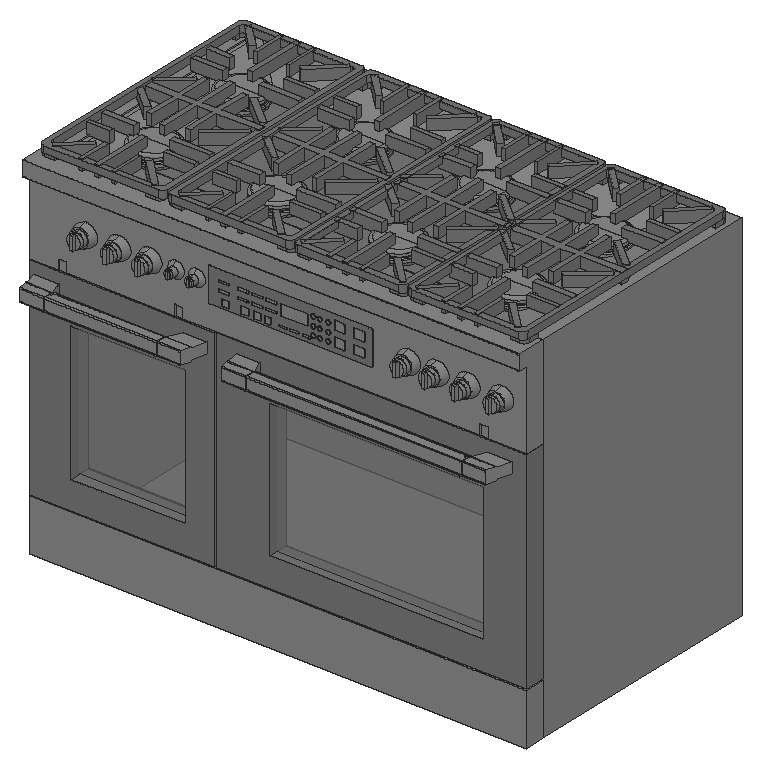
Revit family "DOP48M96D_Revit", category Specialty Equipment, Revit 2014
Parameters (values of type "DOP48M96D")
  Width = 48"
  WOK RING = "1"
  WI FI = "YES"
  Unit = Stainless Steel
  TOTAL NUMBER OF COOKTOP BURNERS = "6 + GRIDDLE"
  TIME OF DAY (12 HR/24 HR) = "YES"
  TEMPERATURE PROBE = "1 EA (BOTH)"
  TEMPERATURE (F / C) = "YES"
  Support = Glass
  STEAM TRAY = "2 (SM)"
  STEAM HEATER = "2,000W (SM)"
  STANDARD RACK = "1 (LG) / 1 (SM)"
  SOUND ON/OFF = "YES"
  SEALED BURNERS = "YES"
  RIGHT REAR (BTU) = "16,000 STACK DUAL (SIMMER)"
  RIGHT FRONT (BTU) = "16,000 STACK DUAL (SIMMER)"
  POWER OF GRIDDLE = "1,400W"
  PERMA-FLAME™ (AUTO RE-IGNITION) = "YES"
  OVEN CAPACITY (CUBIC FEET) = "4.8 (LG OVEN) / 1.8 (SM OVEN)"
  NUMBER OF KNOBS = "7 + 2 LAMP KNOBS"
  Model = "DOP48M96D"
  Manufacturer = "Dacor"
  MANUAL LIGHTING ON/OFF = "YES"
  LEFT REAR (BTU) = "16,000 STACK DUAL (SIMMER)"
  LEFT FRONT (BTU) = "18,000 DUAL (SIMMER)"
  KITCHEN TIMER = "YES"
  INFOCENTER™ DISPLAY = "YES"
  ILLULMINA™ BURNER KNOBS = "YES"
  Height = 36 1/2"
  Handle = Stainless Steel
  HIGHLIGHTING COLOR = "WHITE"
  HALF STEAM TRAY = "2 (SM)"
  Glide = Plastic-Black
  Gas Burner = Stainless Steel
  GLIDERACK™ = "2 (LG)"
  Door = Plastic-Black
  Description = "48-INCH PRO DUAL-FUEL STEAM RANGE MODERNIST COLLECTION"
  Depth = 24"
  DELAY START = "YES"
  COOKING MODES SMALL CAVITY = "BAKE - BROIL - CONVECTION BAKE - CONVECTION ROAST - CONVECTION BROIL - FOUR-PART PURE CONVECTION - REAL STEAM - STEAM BAKE - STEAM ROAST"
  COOKING MODES LARGE CAVITY = "BAKE - BROIL - CONVECTION BAKE - CONVECTION ROAST - CONVECTION BROIL - FOUR-PART PURE CONVECTION - PURE CONVECTION SEAR"
  COOKIE SHEETS (SET OF 3) = "SKU - ACSM303"
  CONVECTION FILTER = "2 (LG) / 1 (SM)"
  CONVECTION ELEMENT = "1,300W (EA - 2,600W TOTAL) (LG) / 2,000W (SM)"
  CONTROL METHOD = "7” POP-UP LCD"
  CLOCK = "YES"
  CHILD LOCK = "YES"
  CENTER REAR (BTU) = "9,000 STACK DUAL (SIMMER)"
  CENTER FRONT (BTU) = "22,000 DUAL (SIMMER)"
  Burner = Plastic-Black
  BROIL ELEMENT = "4,400W - 10 PASS (LG) 2,400W (SM)"
  BRASS BURNER CAPS = "YES"
  BLUETOOTH (HOOD CONNECTION) = "YES"
  BLACK BURNER CAPS = "YES"
  BAKE ELEMENT = "3,000W - 8 PASS (LG) 1,000W (SM)"
  Adjustment = Stainless Steel
  AMBIENT LIGHTING = "YES (DIMMING)"
Reference planes (in)
  plane 1 "Center (Front/Back)": y = 0
  plane 2: z = 0
  plane 3 "Center (Left/Right)": x = 0
  plane 4: y = 12
  plane 5: y = -12
  plane 6: x = -24
  plane 7: x = 24
  plane 8: z = 36.5
  plane 9: y = -14
  plane 10: z = 2
  plane 11: y = -14.875
  plane 12: y = -16.5
  plane 13: z = 37.5625
  plane 14: z = 35
Forms (in)
  Extrusion 1, solid, material "Stainless Steel" <- "Unit"
    sketch origin (0, 0, 0) x (1, 0, 0) y (0, 0, 1)
      loop
        line (-24, 36.5) -> (-24, 2) -> (24, 2) -> (24, 36.5) -> (23.66902, 36.5) -> (23.66902, 2.38848) -> (-23.45598, 2.38848) -> (-23.45598, 36.5) -> (-24, 36.5)
    from -12 to 12
  Extrusion 2, solid, material "Stainless Steel" <- "Unit"
    sketch origin (0, 0, 0) x (0, 1, 0) y (0, 0, 1)
      loop
        line (-12, 36.5) -> (-14.84447, 36.5)
        arc (-14.84447, 36.5) -> (-14.86606, 36.49106) -> (-14.875, 36.46947) r 0.03053
        line (-14.875, 36.46947) -> (-14.875, 35.03125)
        arc (-14.875, 35.03125) -> (-14.86585, 35.00915) -> (-14.84375, 35) r 0.03125
        line (-14.84375, 35) -> (-14.03125, 35)
        arc (-14.03125, 35) -> (-14.00915, 34.99085) -> (-14, 34.96875) r 0.03125
        line (-14, 34.96875) -> (-14, 27.5) -> (-12, 27.5) -> (-12, 36.5)
      loop
        line (-14, 1.96852) -> (-12, 1.96852) -> (-12, 6.96852) -> (-14, 6.96852) -> (-14, 1.96852)
    from -24 to 24
  Extrusion 3, solid, material "Glass" <- "Support"
    sketch origin (0, -14, 0) x (1, 0, 0) y (0, 0, 1)
      loop
        line (-20.04254, 23.12749) -> (-20.04254, 9.87749) -> (-8.99618, 9.87749) -> (-8.99618, 23.12749) -> (-20.04254, 23.12749)
      loop
        line (19.83246, 23.12749) -> (-0.88482, 23.12749) -> (-0.88482, 9.87749) -> (19.83246, 9.87749) -> (19.83246, 23.12749)
    from -2 to -0.8824
  Revolve 4, solid, material "Plastic-Black" <- "Glide"
    sketch origin (21.125, 0, 0) x (0, 1, 0) y (0, 0, 1)
      loop
        line (-10.25, 2) -> (-10.25, 0.75) -> (-10.14613, 0.64613) -> (-10.14613, 0.08461) -> (-10.09729, 0) -> (-9.53479, 0) -> (-9.53479, 2) -> (-10.25, 2)
      axis (-9.53479, 0) -> (-9.53479, 2)
    angle from 0 to 360
  Revolve 5, solid, material "Plastic-Black" <- "Glide"
    sketch origin (-1.87507, 0.00446, 0.02133) x (0, 1, 0) y (0, 0, -1)
      loop
        line (-10.25, -2) -> (-9.53479, -2) -> (-9.53479, 0) -> (-10.09729, 0) -> (-10.14613, -0.08461) -> (-10.14613, -0.64613) -> (-10.25, -0.75) -> (-10.25, -2)
      axis (-9.53479, 0) -> (-9.53479, -2)
    angle from 0 to 360
  Revolve 6, solid, material "Plastic-Black" <- "Glide"
    sketch origin (21.125, 0, 0) x (0, -1, 0) y (0, 0, -1)
      loop
        line (-10.25, -2) -> (-9.53479, -2) -> (-9.53479, 0) -> (-10.09729, 0) -> (-10.14613, -0.08461) -> (-10.14613, -0.64613) -> (-10.25, -0.75) -> (-10.25, -2)
      axis (-9.53479, 0) -> (-9.53479, -2)
    angle from 0 to 360
  Revolve 7, solid, material "Plastic-Black" <- "Glide"
    sketch origin (-1.87507, 0.00446, 0.02133) x (0, -1, 0) y (0, 0, 1)
      loop
        line (-10.25, 2) -> (-10.25, 0.75) -> (-10.14613, 0.64613) -> (-10.14613, 0.08461) -> (-10.09729, 0) -> (-9.53479, 0) -> (-9.53479, 2) -> (-10.25, 2)
      axis (-9.53479, 0) -> (-9.53479, 2)
    angle from 0 to 360
  Revolve 8, solid, material "Stainless Steel" <- "Adjustment"
    sketch origin (18.375, 0, -0.625) x (0, 1, 0) y (0, 0, 1)
      loop
        line (-14, 33.20096) -> (-14.75, 33) -> (-14.75, 32.86263) -> (-15.13851, 32.86263) -> (-15.13851, 32.79538) -> (-15.47236, 32.79538) -> (-15.47236, 32.12798) -> (-14, 32.12798) -> (-14, 33.20096)
      axis (-15.47236, 32.12798) -> (-14, 32.12798)
    angle from 0 to 360
  Extrusion 9, solid, material "Stainless Steel" <- "Adjustment"
    sketch origin (0.375, 0, -0.625) x (1, 0, 0) y (0, 0, 1)
      loop
        line (14.85979, 32.78048) -> (14.85979, 31.48023) -> (15.16074, 31.48023) -> (15.16074, 32.78048) -> (14.85979, 32.78048)
    from 15.76036 to 15.47236
  Revolve 10, solid, material "Stainless Steel" <- "Adjustment"
    sketch origin (15.375, 0, -0.625) x (0, 1, 0) y (0, 0, 1)
      loop
        line (-14, 33.20096) -> (-14.75, 33) -> (-14.75, 32.86263) -> (-15.13851, 32.86263) -> (-15.13851, 32.79538) -> (-15.47236, 32.79538) -> (-15.47236, 32.12798) -> (-14, 32.12798) -> (-14, 33.20096)
      axis (-15.47236, 32.12798) -> (-14, 32.12798)
    angle from 0 to 360
  Extrusion 11, solid, material "Stainless Steel" <- "Adjustment"
    sketch origin (-2.75, 0, -0.625) x (1, 0, 0) y (0, 0, 1)
      loop
        line (20.92229, 32.78048) -> (20.92229, 31.48023) -> (21.22324, 31.48023) -> (21.22324, 32.78048) -> (20.92229, 32.78048)
    from 15.76036 to 15.47236
  Revolve 12, solid, material "Stainless Steel" <- "Adjustment"
    sketch origin (-15.375, 0, -0.625) x (0, 1, 0) y (0, 0, -1)
      loop
        line (-14, -33.20096) -> (-14, -32.12798) -> (-15.47236, -32.12798) -> (-15.47236, -32.79538) -> (-15.13851, -32.79538) -> (-15.13851, -32.86263) -> (-14.75, -32.86263) -> (-14.75, -33) -> (-14, -33.20096)
      axis (-15.47236, -32.12798) -> (-14, -32.12798)
    angle from 0 to 360
  Extrusion 13, solid, material "Stainless Steel" <- "Adjustment"
    sketch origin (2.65625, 0, -0.625) x (-1, 0, 0) y (0, 0, -1)
      loop
        line (14.85979, -32.78048) -> (15.16074, -32.78048) -> (15.16074, -31.48023) -> (14.85979, -31.48023) -> (14.85979, -32.78048)
    from 15.76036 to 15.47236
  Revolve 14, solid, material "Stainless Steel" <- "Adjustment"
    sketch origin (-12.375, 0, -0.625) x (0, 1, 0) y (0, 0, -1)
      loop
        line (-14, -33.20096) -> (-14, -32.12798) -> (-15.47236, -32.12798) -> (-15.47236, -32.79538) -> (-15.13851, -32.79538) -> (-15.13851, -32.86263) -> (-14.75, -32.86263) -> (-14.75, -33) -> (-14, -33.20096)
      axis (-15.47236, -32.12798) -> (-14, -32.12798)
    angle from 0 to 360
  Extrusion 15, solid, material "Stainless Steel" <- "Adjustment"
    sketch origin (5.6875, 0, -0.625) x (-1, 0, 0) y (0, 0, -1)
      loop
        line (20.92229, -32.78048) -> (21.22324, -32.78048) -> (21.22324, -31.48023) -> (20.92229, -31.48023) -> (20.92229, -32.78048)
    from 15.76036 to 15.47236
  Extrusion 16, solid, material "Plastic-Black" <- "Glide"
    sketch origin (0, 0, 0) x (1, 0, 0) y (0, 0, 1)
      loop
        arc (-6.55971, 33.07978) -> (-6.70596, 33.0192) -> (-6.76654, 32.87294) r 0.20684
        line (-6.76654, 32.87294) -> (-6.76654, 29.97721)
        arc (-6.76654, 29.97721) -> (-6.70596, 29.83095) -> (-6.55971, 29.77037) r 0.20684
        line (-6.55971, 29.77037) -> (8.95314, 29.77037)
        arc (8.95314, 29.77037) -> (9.09939, 29.83095) -> (9.15997, 29.97721) r 0.20684
        line (9.15997, 29.97721) -> (9.15997, 32.87294)
        arc (9.15997, 32.87294) -> (9.09939, 33.0192) -> (8.95314, 33.07978) r 0.20684
        line (8.95314, 33.07978) -> (-6.55971, 33.07978)
      loop
        line (-3.91131, 32.13643) -> (-3.91131, 31.92959) -> (-2.87712, 31.92959) -> (-2.87712, 32.13643) -> (-3.91131, 32.13643)
      loop
        line (-2.53581, 32.13643) -> (-2.53581, 31.92959) -> (-1.46599, 31.92959) -> (-1.46599, 32.13643) -> (-2.53581, 32.13643)
      loop
        line (-1.16262, 32.13643) -> (-1.16262, 31.92959) -> (-0.14373, 31.92959) -> (-0.14373, 32.13643) -> (-1.16262, 32.13643)
      loop
        line (-3.91131, 31.30907) -> (-3.91131, 31.10224) -> (-2.87712, 31.10224) -> (-2.87712, 31.30907) -> (-3.91131, 31.30907)
      loop
        line (-2.53581, 31.30907) -> (-2.53581, 31.10224) -> (-1.46599, 31.10224) -> (-1.46599, 31.30907) -> (-2.53581, 31.30907)
      loop
        line (-1.16262, 31.30907) -> (-1.16262, 31.10224) -> (-0.14373, 31.10224) -> (-0.14373, 31.30907) -> (-1.16262, 31.30907)
      loop
        line (-3.58017, 30.58263) -> (-3.58017, 29.9713) -> (-2.87712, 29.9713) -> (-2.87712, 30.58263) -> (-3.58017, 30.58263)
      loop
        line (-2.33893, 30.58263) -> (-2.33893, 29.9713) -> (-1.70212, 29.9713) -> (-1.70212, 30.58263) -> (-2.33893, 30.58263)
      loop
        line (-1.29457, 30.58263) -> (-1.29457, 29.9713) -> (-0.70871, 29.9713) -> (-0.70871, 30.58263) -> (-1.29457, 30.58263)
      loop
        line (0.0114, 30.27251) -> (0.0114, 30.11746) -> (0.85965, 30.11746) -> (0.85965, 30.27251) -> (0.0114, 30.27251)
      loop
        line (1.12856, 30.27251) -> (1.12856, 30.11746) -> (1.94809, 30.11746) -> (1.94809, 30.27251) -> (1.12856, 30.27251)
      loop
        line (2.39109, 30.27251) -> (2.39109, 30.11746) -> (3.12202, 30.11746) -> (3.12202, 30.27251) -> (2.39109, 30.27251)
      loop
        circle (3.38782, 32.13643) r 0.20684
      loop
        circle (3.38782, 31.30907) r 0.20684
      loop
        circle (3.38782, 30.47935) r 0.20684
      loop
        circle (4.00833, 32.13643) r 0.20684
      loop
        circle (4.00833, 31.30907) r 0.20684
      loop
        circle (4.00833, 30.47935) r 0.20684
      loop
        circle (4.83569, 32.13643) r 0.20684
      loop
        circle (4.83569, 31.30907) r 0.20684
      loop
        circle (4.83569, 30.47935) r 0.20684
      loop
        line (5.42559, 32.53177) -> (5.42559, 31.70442) -> (6.45978, 31.70442) -> (6.45978, 32.53177) -> (5.42559, 32.53177)
      loop
        line (5.42559, 31.10224) -> (5.42559, 30.27251) -> (6.45978, 30.27251) -> (6.45978, 31.10224) -> (5.42559, 31.10224)
      loop
        line (0.27704, 32.13643) -> (0.27704, 31.10224) -> (2.82394, 31.10224) -> (2.82394, 32.13643) -> (0.27704, 32.13643)
      loop
        line (-5.77285, 32.13643) -> (-5.77285, 31.92959) -> (-4.73866, 31.92959) -> (-4.73866, 32.13643) -> (-5.77285, 32.13643)
      loop
        line (-5.77285, 31.30907) -> (-5.77285, 31.10224) -> (-4.73866, 31.10224) -> (-4.73866, 31.30907) -> (-5.77285, 31.30907)
      loop
        line (-5.44171, 30.58263) -> (-5.44171, 29.9713) -> (-4.73866, 29.9713) -> (-4.73866, 30.58263) -> (-5.44171, 30.58263)
      loop
        line (7.28713, 32.53177) -> (7.28713, 31.70442) -> (8.32132, 31.70442) -> (8.32132, 32.53177) -> (7.28713, 32.53177)
      loop
        line (7.28713, 31.10224) -> (7.28713, 30.27251) -> (8.32132, 30.27251) -> (8.32132, 31.10224) -> (7.28713, 31.10224)
    from 14.02195 to 14
  Extrusion 17, solid, material "Stainless Steel" <- "Unit"
    sketch origin (0, -14, 0) x (-1, 0, 0) y (0, 0, 1)
      loop
        line (3.91131, 32.13643) -> (2.87712, 32.13643) -> (2.87712, 31.92959) -> (3.91131, 31.92959) -> (3.91131, 32.13643)
      loop
        line (2.53581, 32.13643) -> (1.46599, 32.13643) -> (1.46599, 31.92959) -> (2.53581, 31.92959) -> (2.53581, 32.13643)
      loop
        line (1.16262, 32.13643) -> (0.14373, 32.13643) -> (0.14373, 31.92959) -> (1.16262, 31.92959) -> (1.16262, 32.13643)
      loop
        line (3.91131, 31.30907) -> (2.87712, 31.30907) -> (2.87712, 31.10224) -> (3.91131, 31.10224) -> (3.91131, 31.30907)
      loop
        line (2.53581, 31.30907) -> (1.46599, 31.30907) -> (1.46599, 31.10224) -> (2.53581, 31.10224) -> (2.53581, 31.30907)
      loop
        line (1.16262, 31.30907) -> (0.14373, 31.30907) -> (0.14373, 31.10224) -> (1.16262, 31.10224) -> (1.16262, 31.30907)
      loop
        line (-0.27704, 32.13643) -> (-2.82394, 32.13643) -> (-2.82394, 31.10224) -> (-0.27704, 31.10224) -> (-0.27704, 32.13643)
      loop
        line (3.58017, 30.58263) -> (2.87712, 30.58263) -> (2.87712, 29.9713) -> (3.58017, 29.9713) -> (3.58017, 30.58263)
      loop
        line (1.70212, 30.58263) -> (1.70212, 29.9713) -> (2.33893, 29.9713) -> (2.33893, 30.58263) -> (1.70212, 30.58263)
      loop
        line (1.29457, 30.58263) -> (0.70871, 30.58263) -> (0.70871, 29.9713) -> (1.29457, 29.9713) -> (1.29457, 30.58263)
      loop
        line (-0.0114, 30.27251) -> (-0.85965, 30.27251) -> (-0.85965, 30.11746) -> (-0.0114, 30.11746) -> (-0.0114, 30.27251)
      loop
        line (-1.12856, 30.27251) -> (-1.94809, 30.27251) -> (-1.94809, 30.11746) -> (-1.12856, 30.11746) -> (-1.12856, 30.27251)
      loop
        line (-2.39109, 30.27251) -> (-3.12202, 30.27251) -> (-3.12202, 30.11746) -> (-2.39109, 30.11746) -> (-2.39109, 30.27251)
      loop
        circle (-3.38782, 30.47935) r 0.20684
      loop
        circle (-3.38782, 31.30907) r 0.20684
      loop
        circle (-3.38782, 32.13643) r 0.20684
      loop
        circle (-4.00833, 32.13643) r 0.20684
      loop
        circle (-4.83569, 32.13643) r 0.20684
      loop
        circle (-4.00833, 31.30907) r 0.20684
      loop
        circle (-4.83569, 31.30907) r 0.20684
      loop
        circle (-4.00833, 30.47935) r 0.20684
      loop
        circle (-4.83569, 30.47935) r 0.20684
      loop
        line (-5.42559, 32.53177) -> (-6.45978, 32.53177) -> (-6.45978, 31.70442) -> (-5.42559, 31.70442) -> (-5.42559, 32.53177)
      loop
        line (-5.42559, 31.10224) -> (-6.45978, 31.10224) -> (-6.45978, 30.27251) -> (-5.42559, 30.27251) -> (-5.42559, 31.10224)
      loop
        line (5.77285, 32.13643) -> (4.73866, 32.13643) -> (4.73866, 31.92959) -> (5.77285, 31.92959) -> (5.77285, 32.13643)
      loop
        line (5.77285, 31.30907) -> (4.73866, 31.30907) -> (4.73866, 31.10224) -> (5.77285, 31.10224) -> (5.77285, 31.30907)
      loop
        line (5.44171, 30.58263) -> (4.73866, 30.58263) -> (4.73866, 29.9713) -> (5.44171, 29.9713) -> (5.44171, 30.58263)
      loop
        line (-7.28713, 32.53177) -> (-8.32132, 32.53177) -> (-8.32132, 31.70442) -> (-7.28713, 31.70442) -> (-7.28713, 32.53177)
      loop
        line (-7.28713, 31.10224) -> (-8.32132, 31.10224) -> (-8.32132, 30.27251) -> (-7.28713, 30.27251) -> (-7.28713, 31.10224)
    from 0 to -0.02195
  Extrusion 18, solid, material "Stainless Steel" <- "Unit"
    sketch origin (0, 12, 0) x (-1, 0, 0) y (0, 0, 1)
      loop
        line (23.45598, 2.38848) -> (23.45598, 36.5) -> (-23.66902, 36.5) -> (-23.66902, 2.38848) -> (23.45598, 2.38848)
    from 0 to -0.60405
  Revolve 19, solid, material "Stainless Steel" <- "Adjustment"
    sketch origin (21.625, 0, -0.625) x (0, 1, 0) y (0, 0, 1)
      loop
        line (-14, 33.20096) -> (-14.75, 33) -> (-14.75, 32.86263) -> (-15.13851, 32.86263) -> (-15.13851, 32.79538) -> (-15.47236, 32.79538) -> (-15.47236, 32.12798) -> (-14, 32.12798) -> (-14, 33.20096)
      axis (-15.47236, 32.12798) -> (-14, 32.12798)
    angle from 0 to 360
  Extrusion 20, solid, material "Stainless Steel" <- "Adjustment"
    sketch origin (0.5, 0, -0.625) x (1, 0, 0) y (0, 0, 1)
      loop
        line (20.92229, 32.78048) -> (20.92229, 31.48023) -> (21.22324, 31.48023) -> (21.22324, 32.78048) -> (20.92229, 32.78048)
    from 15.76036 to 15.47236
  Revolve 21, solid, material "Stainless Steel" <- "Adjustment"
    sketch origin (-18.625, 0, -0.625) x (0, 1, 0) y (0, 0, -1)
      loop
        line (-14, -33.20096) -> (-14, -32.12798) -> (-15.47236, -32.12798) -> (-15.47236, -32.79538) -> (-15.13851, -32.79538) -> (-15.13851, -32.86263) -> (-14.75, -32.86263) -> (-14.75, -33) -> (-14, -33.20096)
      axis (-15.47236, -32.12798) -> (-14, -32.12798)
    angle from 0 to 360
  Extrusion 22, solid, material "Stainless Steel" <- "Adjustment"
    sketch origin (2.4375, 0, -0.625) x (-1, 0, 0) y (0, 0, -1)
      loop
        line (20.92229, -32.78048) -> (21.22324, -32.78048) -> (21.22324, -31.48023) -> (20.92229, -31.48023) -> (20.92229, -32.78048)
    from 15.76036 to 15.47236
  Blend 23, solid, material "Stainless Steel" <- "Unit"
    base sketch origin (-17.9375, 0, 36.4375) x (1, 0, 0) y (0, 1, 0)
      loop
        line (-4.56136, -12) -> (40.56794, -12) -> (40.56794, 11.39595) -> (-4.56136, 11.39595) -> (-4.56136, -12)
    top sketch origin (-17.9375, 0, 36.4375) x (1, 0, 0) y (0, 1, 0)
      loop
        line (-1.65538, 7.80878) -> (-1.65538, -9.19122) -> (37.09462, -9.19122) -> (37.09462, 7.80878) -> (-1.65538, 7.80878)
    from 0 to -1.15037
  Blend 24, void
    base sketch origin (-14.9375, 0, -1.0625) x (1, 0, 0) y (0, 1, 0)
      loop
        line (-7.06136, -12) -> (36.81794, -12) -> (36.81794, 11.39595) -> (-7.06136, 11.39595) -> (-7.06136, -12)
    top sketch origin (-14.9375, 0, -1.0625) x (1, 0, 0) y (0, 1, 0)
      loop
        line (-2.45598, 7.06965) -> (-2.45598, -8.45209) -> (32.54402, -8.45209) -> (32.54402, 7.06965) -> (-2.45598, 7.06965)
    from 37.5 to 36.34963
  Extrusion 25, solid, material "Plastic-Black" <- "Burner"
    sketch origin (-17.9375, 0, 35.28713) x (0, 1, 0) y (1, 0, 0)
      loop
        line (7.06965, 36.59462) -> (-8.45209, 36.59462) -> (-8.45209, -0.65538) -> (7.06965, -0.65538) -> (7.06965, 36.59462)
    from 0 to 0.58019
  Extrusion 26, solid, material "Plastic-Black" <- "Burner"
    sketch origin (0, 0, -1.0625) x (1, 0, 0) y (0, 1, 0)
      loop
        arc (-10.69327, 10.96405) -> (-11.0348, 10.82259) -> (-11.17626, 10.48106) r 0.48299
        line (-11.17626, 10.48106) -> (-11.17626, -13.08511)
        arc (-11.17626, -13.08511) -> (-11.0348, -13.42664) -> (-10.69327, -13.56811) r 0.48299
        line (-10.69327, -13.56811) -> (0.37306, -13.56811)
        arc (0.37306, -13.56811) -> (0.71459, -13.42664) -> (0.85605, -13.08511) r 0.48299
        line (0.85605, -13.08511) -> (0.85605, 10.48106)
        arc (0.85605, 10.48106) -> (0.71459, 10.82259) -> (0.37306, 10.96405) r 0.48299
        line (0.37306, 10.96405) -> (-10.69327, 10.96405)
      loop
        arc (-10.1913, 10.42792) -> (-10.53283, 10.28645) -> (-10.67429, 9.94492) r 0.48299
        line (-10.67429, 9.94492) -> (-10.67429, -12.51428)
        arc (-10.67429, -12.51428) -> (-10.53283, -12.8558) -> (-10.1913, -12.99727) r 0.48299
        line (-10.1913, -12.99727) -> (-0.10881, -12.99727)
        arc (-0.10881, -12.99727) -> (0.23272, -12.8558) -> (0.37418, -12.51428) r 0.48299
        line (0.37418, -12.51428) -> (0.37418, 9.94492)
        arc (0.37418, 9.94492) -> (0.23272, 10.28645) -> (-0.10881, 10.42792) r 0.48299
        line (-0.10881, 10.42792) -> (-10.1913, 10.42792)
      loop
        line (22.91049, 10.96405) -> (12.50827, 10.96405)
        arc (12.50827, 10.96405) -> (12.16675, 10.82259) -> (12.02528, 10.48106) r 0.48299
        line (12.02528, 10.48106) -> (12.02528, -13.08511)
        arc (12.02528, -13.08511) -> (12.16675, -13.42664) -> (12.50827, -13.56811) r 0.48299
        line (12.50827, -13.56811) -> (22.91049, -13.56811)
        arc (22.91049, -13.56811) -> (23.25202, -13.42664) -> (23.39348, -13.08511) r 0.48299
        line (23.39348, -13.08511) -> (23.39348, 10.48106)
        arc (23.39348, 10.48106) -> (23.25202, 10.82259) -> (22.91049, 10.96405) r 0.48299
      loop
        line (22.40852, 10.42792) -> (12.99014, 10.42792)
        arc (12.99014, 10.42792) -> (12.64862, 10.28645) -> (12.50715, 9.94492) r 0.48299
        line (12.50715, 9.94492) -> (12.50715, -12.51428)
        arc (12.50715, -12.51428) -> (12.64862, -12.8558) -> (12.99014, -12.99727) r 0.48299
        line (12.99014, -12.99727) -> (22.40852, -12.99727)
        arc (22.40852, -12.99727) -> (22.75005, -12.8558) -> (22.89151, -12.51428) r 0.48299
        line (22.89151, -12.51428) -> (22.89151, 9.94492)
        arc (22.89151, 9.94492) -> (22.75005, 10.28645) -> (22.40852, 10.42792) r 0.48299
      loop
        line (11.31864, 10.96405) -> (1.52017, 10.96405)
        arc (1.52017, 10.96405) -> (1.17864, 10.82259) -> (1.03718, 10.48106) r 0.48299
        line (1.03718, 10.48106) -> (1.03718, -13.08511)
        arc (1.03718, -13.08511) -> (1.17864, -13.42664) -> (1.52017, -13.56811) r 0.48299
        line (1.52017, -13.56811) -> (11.31864, -13.56811)
        arc (11.31864, -13.56811) -> (11.66017, -13.42664) -> (11.80164, -13.08511) r 0.48299
        line (11.80164, -13.08511) -> (11.80164, 10.48106)
        arc (11.80164, 10.48106) -> (11.66017, 10.82259) -> (11.31864, 10.96405) r 0.48299
      loop
        line (10.81667, 10.42792) -> (2.00204, 10.42792)
        arc (2.00204, 10.42792) -> (1.66051, 10.28645) -> (1.51905, 9.94492) r 0.48299
        line (1.51905, 9.94492) -> (1.51905, -12.51428)
        arc (1.51905, -12.51428) -> (1.66051, -12.8558) -> (2.00204, -12.99727) r 0.48299
        line (2.00204, -12.99727) -> (10.81667, -12.99727)
        arc (10.81667, -12.99727) -> (11.1582, -12.8558) -> (11.29967, -12.51428) r 0.48299
        line (11.29967, -12.51428) -> (11.29967, 9.94492)
        arc (11.29967, 9.94492) -> (11.1582, 10.28645) -> (10.81667, 10.42792) r 0.48299
      loop
        arc (-23.0096, 10.96405) -> (-23.35113, 10.82259) -> (-23.4926, 10.48106) r 0.48299
        line (-23.4926, 10.48106) -> (-23.4926, -13.08511)
        arc (-23.4926, -13.08511) -> (-23.35113, -13.42664) -> (-23.0096, -13.56811) r 0.48299
        line (-23.0096, -13.56811) -> (-11.94327, -13.56811)
        arc (-11.94327, -13.56811) -> (-11.60175, -13.42664) -> (-11.46028, -13.08511) r 0.48299
        line (-11.46028, -13.08511) -> (-11.46028, 10.48106)
        arc (-11.46028, 10.48106) -> (-11.60175, 10.82259) -> (-11.94327, 10.96405) r 0.48299
        line (-11.94327, 10.96405) -> (-23.0096, 10.96405)
      loop
        arc (-22.50763, 10.42792) -> (-22.84916, 10.28645) -> (-22.99063, 9.94492) r 0.48299
        line (-22.99063, 9.94492) -> (-22.99063, -12.51428)
        arc (-22.99063, -12.51428) -> (-22.84916, -12.8558) -> (-22.50763, -12.99727) r 0.48299
        line (-22.50763, -12.99727) -> (-12.42514, -12.99727)
        arc (-12.42514, -12.99727) -> (-12.08362, -12.8558) -> (-11.94215, -12.51428) r 0.48299
        line (-11.94215, -12.51428) -> (-11.94215, 9.94492)
        arc (-11.94215, 9.94492) -> (-12.08362, 10.28645) -> (-12.42514, 10.42792) r 0.48299
        line (-12.42514, 10.42792) -> (-22.50763, 10.42792)
    from 38.5625 to 37.89555
  Extrusion 27, solid, material "Plastic-Black" <- "Burner"
    sketch origin (0, 0, -1.0625) x (1, 0, 0) y (0, 1, 0)
      loop
        arc (-22.98763, 11.02095) -> (-23.34118, 10.8745) -> (-23.48763, 10.52095) r 0.5
        line (-23.48763, 10.52095) -> (-23.48763, 9.55292) -> (-22.96798, 9.55292) -> (-22.96798, 9.96594)
        arc (-22.96798, 9.96594) -> (-22.82153, 10.31949) -> (-22.46798, 10.46594) r 0.5
        line (-22.46798, 10.46594) -> (-22.08107, 10.46594) -> (-22.08107, 11.02095) -> (-22.98763, 11.02095)
      loop
        line (-22.98763, -13.45845) -> (-22.08107, -13.45845) -> (-22.08107, -12.90344) -> (-22.46798, -12.90344)
        arc (-22.46798, -12.90344) -> (-22.82153, -12.75699) -> (-22.96798, -12.40344) r 0.5
        line (-22.96798, -12.40344) -> (-22.96798, -11.99042) -> (-23.48763, -11.99042) -> (-23.48763, -12.95845)
        arc (-23.48763, -12.95845) -> (-23.34118, -13.312) -> (-22.98763, -13.45845) r 0.5
      loop
        line (-12.32334, 11.02095) -> (-13.22989, 11.02095) -> (-13.22989, 10.46594) -> (-12.84298, 10.46594)
        arc (-12.84298, 10.46594) -> (-12.48943, 10.31949) -> (-12.34298, 9.96594) r 0.5
        line (-12.34298, 9.96594) -> (-12.34298, 9.55292) -> (-11.82334, 9.55292) -> (-11.82334, 10.52095)
        arc (-11.82334, 10.52095) -> (-11.96978, 10.8745) -> (-12.32334, 11.02095) r 0.5
      loop
        arc (-12.32334, -13.45845) -> (-11.96978, -13.312) -> (-11.82334, -12.95845) r 0.5
        line (-11.82334, -12.95845) -> (-11.82334, -11.99042) -> (-12.34298, -11.99042) -> (-12.34298, -12.40344)
        arc (-12.34298, -12.40344) -> (-12.48943, -12.75699) -> (-12.84298, -12.90344) r 0.5
        line (-12.84298, -12.90344) -> (-13.22989, -12.90344) -> (-13.22989, -13.45845) -> (-12.32334, -13.45845)
      loop
        arc (-10.67626, 11.02095) -> (-11.02982, 10.8745) -> (-11.17626, 10.52095) r 0.5
        line (-11.17626, 10.52095) -> (-11.17626, 9.55292) -> (-10.65662, 9.55292) -> (-10.65662, 9.96594)
        arc (-10.65662, 9.96594) -> (-10.51017, 10.31949) -> (-10.15662, 10.46594) r 0.5
        line (-10.15662, 10.46594) -> (-9.76971, 10.46594) -> (-9.76971, 11.02095) -> (-10.67626, 11.02095)
      loop
        line (-10.67626, -13.45845) -> (-9.76971, -13.45845) -> (-9.76971, -12.90344) -> (-10.15662, -12.90344)
        arc (-10.15662, -12.90344) -> (-10.51017, -12.75699) -> (-10.65662, -12.40344) r 0.5
        line (-10.65662, -12.40344) -> (-10.65662, -11.99042) -> (-11.17626, -11.99042) -> (-11.17626, -12.95845)
        arc (-11.17626, -12.95845) -> (-11.02982, -13.312) -> (-10.67626, -13.45845) r 0.5
      loop
        line (0.36303, 11.02095) -> (-0.54353, 11.02095) -> (-0.54353, 10.46594) -> (-0.15662, 10.46594)
        arc (-0.15662, 10.46594) -> (0.19694, 10.31949) -> (0.34338, 9.96594) r 0.5
        line (0.34338, 9.96594) -> (0.34338, 9.55292) -> (0.86303, 9.55292) -> (0.86303, 10.52095)
        arc (0.86303, 10.52095) -> (0.71658, 10.8745) -> (0.36303, 11.02095) r 0.5
      loop
        arc (0.36303, -13.45845) -> (0.71658, -13.312) -> (0.86303, -12.95845) r 0.5
        line (0.86303, -12.95845) -> (0.86303, -11.99042) -> (0.34338, -11.99042) -> (0.34338, -12.40344)
        arc (0.34338, -12.40344) -> (0.19694, -12.75699) -> (-0.15662, -12.90344) r 0.5
        line (-0.15662, -12.90344) -> (-0.54353, -12.90344) -> (-0.54353, -13.45845) -> (0.36303, -13.45845)
      loop
        arc (1.63737, 11.02095) -> (1.28382, 10.8745) -> (1.13737, 10.52095) r 0.5
        line (1.13737, 10.52095) -> (1.13737, 9.55292) -> (1.65702, 9.55292) -> (1.65702, 9.96594)
        arc (1.65702, 9.96594) -> (1.80347, 10.31949) -> (2.15702, 10.46594) r 0.5
        line (2.15702, 10.46594) -> (2.54393, 10.46594) -> (2.54393, 11.02095) -> (1.63737, 11.02095)
      loop
        line (1.63737, -13.45845) -> (2.54393, -13.45845) -> (2.54393, -12.90344) -> (2.15702, -12.90344)
        arc (2.15702, -12.90344) -> (1.80347, -12.75699) -> (1.65702, -12.40344) r 0.5
        line (1.65702, -12.40344) -> (1.65702, -11.99042) -> (1.13737, -11.99042) -> (1.13737, -12.95845)
        arc (1.13737, -12.95845) -> (1.28382, -13.312) -> (1.63737, -13.45845) r 0.5
      loop
        line (11.30166, 11.02095) -> (10.39511, 11.02095) -> (10.39511, 10.46594) -> (10.78202, 10.46594)
        arc (10.78202, 10.46594) -> (11.13557, 10.31949) -> (11.28202, 9.96594) r 0.5
        line (11.28202, 9.96594) -> (11.28202, 9.55292) -> (11.80166, 9.55292) -> (11.80166, 10.52095)
        arc (11.80166, 10.52095) -> (11.65522, 10.8745) -> (11.30166, 11.02095) r 0.5
      loop
        arc (11.20144, -13.45845) -> (11.55499, -13.312) -> (11.70144, -12.95845) r 0.5
        line (11.70144, -12.95845) -> (11.70144, -11.99042) -> (11.18179, -11.99042) -> (11.18179, -12.40344)
        arc (11.18179, -12.40344) -> (11.03535, -12.75699) -> (10.68179, -12.90344) r 0.5
        line (10.68179, -12.90344) -> (10.29488, -12.90344) -> (10.29488, -13.45845) -> (11.20144, -13.45845)
      loop
        line (22.94294, 11.02095) -> (22.03639, 11.02095) -> (22.03639, 10.46594) -> (22.4233, 10.46594)
        arc (22.4233, 10.46594) -> (22.77685, 10.31949) -> (22.9233, 9.96594) r 0.5
        line (22.9233, 9.96594) -> (22.9233, 9.55292) -> (23.44294, 9.55292) -> (23.44294, 10.52095)
        arc (23.44294, 10.52095) -> (23.2965, 10.8745) -> (22.94294, 11.02095) r 0.5
      loop
        arc (22.94294, -13.45845) -> (23.2965, -13.312) -> (23.44294, -12.95845) r 0.5
        line (23.44294, -12.95845) -> (23.44294, -11.99042) -> (22.9233, -11.99042) -> (22.9233, -12.40344)
        arc (22.9233, -12.40344) -> (22.77685, -12.75699) -> (22.4233, -12.90344) r 0.5
        line (22.4233, -12.90344) -> (22.03639, -12.90344) -> (22.03639, -13.45845) -> (22.94294, -13.45845)
      loop
        arc (12.52865, 11.02095) -> (12.1751, 10.8745) -> (12.02865, 10.52095) r 0.5
        line (12.02865, 10.52095) -> (12.02865, 9.55292) -> (12.5483, 9.55292) -> (12.5483, 9.96594)
        arc (12.5483, 9.96594) -> (12.69474, 10.31949) -> (13.0483, 10.46594) r 0.5
        line (13.0483, 10.46594) -> (13.43521, 10.46594) -> (13.43521, 11.02095) -> (12.52865, 11.02095)
      loop
        line (12.62888, -13.45845) -> (13.53543, -13.45845) -> (13.53543, -12.90344) -> (13.14852, -12.90344)
        arc (13.14852, -12.90344) -> (12.79497, -12.75699) -> (12.64852, -12.40344) r 0.5
        line (12.64852, -12.40344) -> (12.64852, -11.99042) -> (12.12888, -11.99042) -> (12.12888, -12.95845)
        arc (12.12888, -12.95845) -> (12.27532, -13.312) -> (12.62888, -13.45845) r 0.5
    from 37.89555 to 37.5
  Extrusion 28, solid, material "Plastic-Black" <- "Burner"
    sketch origin (0, 0, -1.0625) x (1, 0, 0) y (0, 1, 0)
      loop
        line (12.37384, -1.63544) -> (14.98455, -1.63544) -> (14.98455, -4.74313) -> (15.45218, -4.74313) -> (15.45218, -1.63544) -> (16.85955, -1.63544) -> (16.85955, -5.49313) -> (17.32718, -5.49313) -> (17.32718, -1.63544) -> (18.73455, -1.63544) -> (18.73455, -4.74313) -> (19.20218, -4.74313) -> (19.20218, -1.63544) -> (23.31017, -1.63544) -> (23.31017, -0.93269) -> (19.20218, -0.93269) -> (19.20218, 2.175) -> (18.73455, 2.175) -> (18.73455, -0.93269) -> (17.32718, -0.93269) -> (17.32718, 2.925) -> (16.85955, 2.925) -> (16.85955, -0.93269) -> (15.45218, -0.93269) -> (15.45218, 2.175) -> (14.98455, 2.175) -> (14.98455, -0.88568) -> (12.37384, -0.88568) -> (12.37384, -1.63544)
      loop
        line (15.35955, -13.44499) -> (15.70218, -13.44499) -> (15.70218, -10.2987) -> (15.35955, -10.2987) -> (15.35955, -13.44499)
      loop
        line (16.85955, -13.44499) -> (17.32718, -13.44499) -> (17.32718, -7.675) -> (16.85955, -7.675) -> (16.85955, -13.44499)
      loop
        line (12.71667, -13.22716) -> (14.99332, -10.95051) -> (14.65049, -10.60768) -> (12.37384, -12.88433) -> (12.71667, -13.22716)
      loop
        line (12.37384, -6.96756) -> (15.47046, -6.96756) -> (15.47046, -6.38806) -> (12.37384, -6.38806) -> (12.37384, -6.96756)
      loop
        line (12.37384, -8.77147) -> (14.62384, -8.77147) -> (14.62384, -8.33397) -> (12.37384, -8.33397) -> (12.37384, -8.77147)
      loop
        line (12.3289, -1.8755) -> (11.97534, -2.22905) -> (14.3932, -4.30114) -> (14.74676, -3.94759) -> (12.3289, -1.8755)
      loop
        line (18.85955, -13.44499) -> (18.85955, -10.2987) -> (18.51691, -10.2987) -> (18.51691, -13.44499) -> (18.85955, -13.44499)
      loop
        line (22.22006, -13.22716) -> (22.56289, -12.88433) -> (19.91124, -10.23268) -> (19.56841, -10.57551) -> (22.22006, -13.22716)
      loop
        line (22.80901, -6.96756) -> (22.80901, -6.38806) -> (18.96238, -6.38806) -> (18.96238, -6.96756) -> (22.80901, -6.96756)
      loop
        line (22.80901, -8.77147) -> (22.80901, -8.33397) -> (19.80901, -8.33397) -> (19.80901, -8.77147) -> (22.80901, -8.77147)
      loop
        line (22.66645, -1.8755) -> (19.70619, -4.41242) -> (20.05974, -4.76597) -> (23.02, -2.22905) -> (22.66645, -1.8755)
      loop
        line (15.35955, 10.87686) -> (15.35955, 7.73057) -> (15.70218, 7.73057) -> (15.70218, 10.87686) -> (15.35955, 10.87686)
      loop
        line (16.85955, 10.87686) -> (16.85955, 5.10687) -> (17.32718, 5.10687) -> (17.32718, 10.87686) -> (16.85955, 10.87686)
      loop
        line (12.71667, 10.65903) -> (12.37384, 10.3162) -> (14.65049, 8.03955) -> (14.99332, 8.38238) -> (12.71667, 10.65903)
      loop
        line (12.37384, 4.39943) -> (12.37384, 3.81993) -> (15.47046, 3.81993) -> (15.47046, 4.39943) -> (12.37384, 4.39943)
      loop
        line (12.37384, 6.20334) -> (12.37384, 5.76584) -> (14.62384, 5.76584) -> (14.62384, 6.20334) -> (12.37384, 6.20334)
      loop
        line (12.3289, -0.69263) -> (14.60614, 1.25894) -> (14.25258, 1.6125) -> (11.97534, -0.33908) -> (12.3289, -0.69263)
      loop
        line (18.85955, 10.87686) -> (18.51691, 10.87686) -> (18.51691, 7.73057) -> (18.85955, 7.73057) -> (18.85955, 10.87686)
      loop
        line (22.22006, 10.65903) -> (19.56841, 8.00738) -> (19.91124, 7.66455) -> (22.56289, 10.3162) -> (22.22006, 10.65903)
      loop
        line (22.80901, 4.39943) -> (18.96238, 4.39943) -> (18.96238, 3.81993) -> (22.80901, 3.81993) -> (22.80901, 4.39943)
      loop
        line (22.80901, 6.20334) -> (19.80901, 6.20334) -> (19.80901, 5.76584) -> (22.80901, 5.76584) -> (22.80901, 6.20334)
      loop
        line (22.66645, -0.69263) -> (23.02, -0.33908) -> (20.05974, 2.19784) -> (19.70619, 1.84429) -> (22.66645, -0.69263)
      loop
        line (1.24884, -1.63544) -> (3.85955, -1.63544) -> (3.85955, -4.74313) -> (4.32718, -4.74313) -> (4.32718, -1.63544) -> (5.73455, -1.63544) -> (5.73455, -5.49313) -> (6.20218, -5.49313) -> (6.20218, -1.63544) -> (7.60955, -1.63544) -> (7.60955, -4.74313) -> (8.07718, -4.74313) -> (8.07718, -1.63544) -> (12.18517, -1.63544) -> (12.18517, -0.93269) -> (8.07718, -0.93269) -> (8.07718, 2.175) -> (7.60955, 2.175) -> (7.60955, -0.93269) -> (6.20218, -0.93269) -> (6.20218, 2.925) -> (5.73455, 2.925) -> (5.73455, -0.93269) -> (4.32718, -0.93269) -> (4.32718, 2.175) -> (3.85955, 2.175) -> (3.85955, -0.88568) -> (1.24884, -0.88568) -> (1.24884, -1.63544)
      loop
        line (4.23455, -13.44499) -> (4.57718, -13.44499) -> (4.57718, -10.2987) -> (4.23455, -10.2987) -> (4.23455, -13.44499)
      loop
        line (5.73455, -13.44499) -> (6.20218, -13.44499) -> (6.20218, -7.675) -> (5.73455, -7.675) -> (5.73455, -13.44499)
      loop
        line (1.59167, -13.22716) -> (3.86832, -10.95051) -> (3.52549, -10.60768) -> (1.24884, -12.88433) -> (1.59167, -13.22716)
      loop
        line (1.24884, -6.96756) -> (4.34546, -6.96756) -> (4.34546, -6.38806) -> (1.24884, -6.38806) -> (1.24884, -6.96756)
      loop
        line (1.24884, -8.77147) -> (3.49884, -8.77147) -> (3.49884, -8.33397) -> (1.24884, -8.33397) -> (1.24884, -8.77147)
      loop
        line (1.2039, -1.8755) -> (0.85034, -2.22905) -> (3.11301, -4.16814) -> (3.46656, -3.81459) -> (1.2039, -1.8755)
      loop
        line (7.73455, -13.44499) -> (7.73455, -10.2987) -> (7.39191, -10.2987) -> (7.39191, -13.44499) -> (7.73455, -13.44499)
      loop
        line (11.09506, -13.22716) -> (11.43789, -12.88433) -> (8.78624, -10.23268) -> (8.44341, -10.57551) -> (11.09506, -13.22716)
      loop
        line (11.68401, -6.96756) -> (11.68401, -6.38806) -> (7.83738, -6.38806) -> (7.83738, -6.96756) -> (11.68401, -6.96756)
      loop
        line (11.68401, -8.77147) -> (11.68401, -8.33397) -> (8.68401, -8.33397) -> (8.68401, -8.77147) -> (11.68401, -8.77147)
      loop
        line (11.54145, -1.8755) -> (8.58119, -4.41242) -> (8.93474, -4.76597) -> (11.895, -2.22905) -> (11.54145, -1.8755)
      loop
        line (4.23455, 10.87686) -> (4.23455, 7.73057) -> (4.57718, 7.73057) -> (4.57718, 10.87686) -> (4.23455, 10.87686)
      loop
        line (5.73455, 10.87686) -> (5.73455, 5.10687) -> (6.20218, 5.10687) -> (6.20218, 10.87686) -> (5.73455, 10.87686)
      loop
        line (1.59167, 10.65903) -> (1.24884, 10.3162) -> (3.52549, 8.03955) -> (3.86832, 8.38238) -> (1.59167, 10.65903)
      loop
        line (1.24884, 4.39943) -> (1.24884, 3.81993) -> (4.34546, 3.81993) -> (4.34546, 4.39943) -> (1.24884, 4.39943)
      loop
        line (1.24884, 6.20334) -> (1.24884, 5.76584) -> (3.49884, 5.76584) -> (3.49884, 6.20334) -> (1.24884, 6.20334)
      loop
        line (1.2039, -0.69263) -> (3.60167, 1.36224) -> (3.24812, 1.71579) -> (0.85034, -0.33908) -> (1.2039, -0.69263)
      loop
        line (7.73455, 10.87686) -> (7.39191, 10.87686) -> (7.39191, 7.73057) -> (7.73455, 7.73057) -> (7.73455, 10.87686)
      loop
        line (11.09506, 10.65903) -> (8.44341, 8.00738) -> (8.78624, 7.66455) -> (11.43789, 10.3162) -> (11.09506, 10.65903)
      loop
        line (11.68401, 4.39943) -> (7.83738, 4.39943) -> (7.83738, 3.81993) -> (11.68401, 3.81993) -> (11.68401, 4.39943)
      loop
        line (11.68401, 6.20334) -> (8.68401, 6.20334) -> (8.68401, 5.76584) -> (11.68401, 5.76584) -> (11.68401, 6.20334)
      loop
        line (11.54145, -0.69263) -> (11.895, -0.33908) -> (8.93474, 2.19784) -> (8.58119, 1.84429) -> (11.54145, -0.69263)
      loop
        line (-10.48893, -1.63544) -> (-7.87822, -1.63544) -> (-7.87822, -4.74313) -> (-7.41059, -4.74313) -> (-7.41059, -1.63544) -> (-6.00322, -1.63544) -> (-6.00322, -5.49313) -> (-5.53559, -5.49313) -> (-5.53559, -1.63544) -> (-4.12822, -1.63544) -> (-4.12822, -4.74313) -> (-3.66059, -4.74313) -> (-3.66059, -1.63544) -> (0.44741, -1.63544) -> (0.44741, -0.93269) -> (-3.66059, -0.93269) -> (-3.66059, 2.175) -> (-4.12822, 2.175) -> (-4.12822, -0.93269) -> (-5.53559, -0.93269) -> (-5.53559, 2.925) -> (-6.00322, 2.925) -> (-6.00322, -0.93269) -> (-7.41059, -0.93269) -> (-7.41059, 2.175) -> (-7.87822, 2.175) -> (-7.87822, -0.88568) -> (-10.48893, -0.88568) -> (-10.48893, -1.63544)
      loop
        line (-7.50322, -13.44499) -> (-7.16059, -13.44499) -> (-7.16059, -10.2987) -> (-7.50322, -10.2987) -> (-7.50322, -13.44499)
      loop
        line (-6.00322, -13.44499) -> (-5.53559, -13.44499) -> (-5.53559, -7.675) -> (-6.00322, -7.675) -> (-6.00322, -13.44499)
      loop
        line (-10.1461, -13.22716) -> (-7.86945, -10.95051) -> (-8.21228, -10.60768) -> (-10.48893, -12.88433) -> (-10.1461, -13.22716)
      loop
        line (-10.48893, -6.96756) -> (-7.3923, -6.96756) -> (-7.3923, -6.38806) -> (-10.48893, -6.38806) -> (-10.48893, -6.96756)
      loop
        line (-10.48893, -8.77147) -> (-8.23893, -8.77147) -> (-8.23893, -8.33397) -> (-10.48893, -8.33397) -> (-10.48893, -8.77147)
      loop
        line (-10.53387, -1.8755) -> (-10.88742, -2.22905) -> (-8.3701, -4.38638) -> (-8.01654, -4.03283) -> (-10.53387, -1.8755)
      loop
        line (-4.00322, -13.44499) -> (-4.00322, -10.2987) -> (-4.34585, -10.2987) -> (-4.34585, -13.44499) -> (-4.00322, -13.44499)
      loop
        line (-0.64271, -13.22716) -> (-0.29988, -12.88433) -> (-2.95153, -10.23268) -> (-3.29436, -10.57551) -> (-0.64271, -13.22716)
      loop
        line (-0.05376, -6.96756) -> (-0.05376, -6.38806) -> (-3.90038, -6.38806) -> (-3.90038, -6.96756) -> (-0.05376, -6.96756)
      loop
        line (-0.05376, -8.77147) -> (-0.05376, -8.33397) -> (-3.05376, -8.33397) -> (-3.05376, -8.77147) -> (-0.05376, -8.77147)
      loop
        line (-0.19632, -1.8755) -> (-3.15658, -4.41242) -> (-2.80302, -4.76597) -> (0.15724, -2.22905) -> (-0.19632, -1.8755)
      loop
        line (-7.50322, 10.87686) -> (-7.50322, 7.73057) -> (-7.16059, 7.73057) -> (-7.16059, 10.87686) -> (-7.50322, 10.87686)
      loop
        line (-6.00322, 10.87686) -> (-6.00322, 5.10687) -> (-5.53559, 5.10687) -> (-5.53559, 10.87686) -> (-6.00322, 10.87686)
      loop
        line (-10.1461, 10.65903) -> (-10.48893, 10.3162) -> (-8.21228, 8.03955) -> (-7.86945, 8.38238) -> (-10.1461, 10.65903)
      loop
        line (-10.48893, 4.39943) -> (-10.48893, 3.81993) -> (-7.3923, 3.81993) -> (-7.3923, 4.39943) -> (-10.48893, 4.39943)
      loop
        line (-10.48893, 6.20334) -> (-10.48893, 5.76584) -> (-8.23893, 5.76584) -> (-8.23893, 6.20334) -> (-10.48893, 6.20334)
      loop
        line (-10.53387, -0.69263) -> (-8.10196, 1.3915) -> (-8.45551, 1.74505) -> (-10.88742, -0.33908) -> (-10.53387, -0.69263)
      loop
        line (-4.00322, 10.87686) -> (-4.34585, 10.87686) -> (-4.34585, 7.73057) -> (-4.00322, 7.73057) -> (-4.00322, 10.87686)
      loop
        line (-0.64271, 10.65903) -> (-3.29436, 8.00738) -> (-2.95153, 7.66455) -> (-0.29988, 10.3162) -> (-0.64271, 10.65903)
      loop
        line (-0.05376, 4.39943) -> (-3.90038, 4.39943) -> (-3.90038, 3.81993) -> (-0.05376, 3.81993) -> (-0.05376, 4.39943)
      loop
        line (-0.05376, 6.20334) -> (-3.05376, 6.20334) -> (-3.05376, 5.76584) -> (-0.05376, 5.76584) -> (-0.05376, 6.20334)
      loop
        line (-0.19632, -0.69263) -> (0.15724, -0.33908) -> (-2.80302, 2.19784) -> (-3.15658, 1.84429) -> (-0.19632, -0.69263)
      loop
        line (-22.73893, -1.63544) -> (-20.12822, -1.63544) -> (-20.12822, -4.74313) -> (-19.66059, -4.74313) -> (-19.66059, -1.63544) -> (-18.25322, -1.63544) -> (-18.25322, -5.49313) -> (-17.78559, -5.49313) -> (-17.78559, -1.63544) -> (-16.37822, -1.63544) -> (-16.37822, -4.74313) -> (-15.91059, -4.74313) -> (-15.91059, -1.63544) -> (-11.80259, -1.63544) -> (-11.80259, -0.93269) -> (-15.91059, -0.93269) -> (-15.91059, 2.175) -> (-16.37822, 2.175) -> (-16.37822, -0.93269) -> (-17.78559, -0.93269) -> (-17.78559, 2.925) -> (-18.25322, 2.925) -> (-18.25322, -0.93269) -> (-19.66059, -0.93269) -> (-19.66059, 2.175) -> (-20.12822, 2.175) -> (-20.12822, -0.88568) -> (-22.73893, -0.88568) -> (-22.73893, -1.63544)
      loop
        line (-19.75322, -13.44499) -> (-19.41059, -13.44499) -> (-19.41059, -10.2987) -> (-19.75322, -10.2987) -> (-19.75322, -13.44499)
      loop
        line (-18.25322, -13.44499) -> (-17.78559, -13.44499) -> (-17.78559, -7.675) -> (-18.25322, -7.675) -> (-18.25322, -13.44499)
      loop
        line (-22.3961, -13.22716) -> (-20.11945, -10.95051) -> (-20.46228, -10.60768) -> (-22.73893, -12.88433) -> (-22.3961, -13.22716)
      loop
        line (-22.73893, -6.96756) -> (-19.6423, -6.96756) -> (-19.6423, -6.38806) -> (-22.73893, -6.38806) -> (-22.73893, -6.96756)
      loop
        line (-22.73893, -8.77147) -> (-20.48893, -8.77147) -> (-20.48893, -8.33397) -> (-22.73893, -8.33397) -> (-22.73893, -8.77147)
      loop
        line (-22.78387, -1.8755) -> (-23.13742, -2.22905) -> (-20.79992, -4.23228) -> (-20.44636, -3.87872) -> (-22.78387, -1.8755)
      loop
        line (-16.25322, -13.44499) -> (-16.25322, -10.2987) -> (-16.59585, -10.2987) -> (-16.59585, -13.44499) -> (-16.25322, -13.44499)
      loop
        line (-12.89271, -13.22716) -> (-12.54988, -12.88433) -> (-15.20153, -10.23268) -> (-15.54436, -10.57551) -> (-12.89271, -13.22716)
      loop
        line (-12.30376, -6.96756) -> (-12.30376, -6.38806) -> (-16.15038, -6.38806) -> (-16.15038, -6.96756) -> (-12.30376, -6.96756)
      loop
        line (-12.30376, -8.77147) -> (-12.30376, -8.33397) -> (-15.30376, -8.33397) -> (-15.30376, -8.77147) -> (-12.30376, -8.77147)
      loop
        line (-12.44632, -1.8755) -> (-15.40658, -4.41242) -> (-15.05302, -4.76597) -> (-12.09276, -2.22905) -> (-12.44632, -1.8755)
      loop
        line (-19.75322, 10.87686) -> (-19.75322, 7.73057) -> (-19.41059, 7.73057) -> (-19.41059, 10.87686) -> (-19.75322, 10.87686)
      loop
        line (-18.25322, 10.87686) -> (-18.25322, 5.10687) -> (-17.78559, 5.10687) -> (-17.78559, 10.87686) -> (-18.25322, 10.87686)
      loop
        line (-22.3961, 10.65903) -> (-22.73893, 10.3162) -> (-20.46228, 8.03955) -> (-20.11945, 8.38238) -> (-22.3961, 10.65903)
      loop
        line (-22.73893, 4.39943) -> (-22.73893, 3.81993) -> (-19.6423, 3.81993) -> (-19.6423, 4.39943) -> (-22.73893, 4.39943)
      loop
        line (-22.73893, 6.20334) -> (-22.73893, 5.76584) -> (-20.48893, 5.76584) -> (-20.48893, 6.20334) -> (-22.73893, 6.20334)
      loop
        line (-22.78387, -0.69263) -> (-20.27629, 1.45634) -> (-20.62985, 1.80989) -> (-23.13742, -0.33908) -> (-22.78387, -0.69263)
      loop
        line (-16.25322, 10.87686) -> (-16.59585, 10.87686) -> (-16.59585, 7.73057) -> (-16.25322, 7.73057) -> (-16.25322, 10.87686)
      loop
        line (-12.89271, 10.65903) -> (-15.54436, 8.00738) -> (-15.20153, 7.66455) -> (-12.54988, 10.3162) -> (-12.89271, 10.65903)
      loop
        line (-12.30376, 4.39943) -> (-16.15038, 4.39943) -> (-16.15038, 3.81993) -> (-12.30376, 3.81993) -> (-12.30376, 4.39943)
      loop
        line (-12.30376, 6.20334) -> (-15.30376, 6.20334) -> (-15.30376, 5.76584) -> (-12.30376, 5.76584) -> (-12.30376, 6.20334)
      loop
        line (-12.44632, -0.69263) -> (-12.09276, -0.33908) -> (-15.05302, 2.19784) -> (-15.40658, 1.84429) -> (-12.44632, -0.69263)
    from 37.5 to 38.5625
  Extrusion 29, solid, material "Stainless Steel" <- "Unit"
    sketch origin (-17.9375, 0, 36.34963) x (1, 0, 0) y (0, 1, 0)
      loop
        line (-5.51848, 11.39595) -> (-5.51848, -12) -> (-4.56136, -12) -> (-4.56136, 11.39595) -> (-5.51848, 11.39595)
      loop
        line (41.60652, 11.39595) -> (40.56794, 11.39595) -> (40.56794, -12) -> (41.60652, -12) -> (41.60652, 11.39595)
    from -1.39564 to 0.15037
  Revolve 30, solid, material "Plastic-Black" <- "Glide"
    sketch origin (-19.87507, 0.00446, 0.02133) x (0, 1, 0) y (0, 0, -1)
      loop
        line (-10.25, -2) -> (-9.53479, -2) -> (-9.53479, 0) -> (-10.09729, 0) -> (-10.14613, -0.08461) -> (-10.14613, -0.64613) -> (-10.25, -0.75) -> (-10.25, -2)
      axis (-9.53479, 0) -> (-9.53479, -2)
    angle from 0 to 360
  Revolve 31, solid, material "Plastic-Black" <- "Glide"
    sketch origin (-19.87507, 0.00446, 0.02133) x (0, -1, 0) y (0, 0, 1)
      loop
        line (-10.25, 2) -> (-10.25, 0.75) -> (-10.14613, 0.64613) -> (-10.14613, 0.08461) -> (-10.09729, 0) -> (-9.53479, 0) -> (-9.53479, 2) -> (-10.25, 2)
      axis (-9.53479, 0) -> (-9.53479, 2)
    angle from 0 to 360
  Extrusion 32, solid, material "Stainless Steel" <- "Handle"
    sketch origin (9, 0, 0) x (0, 1, 0) y (0, 0, 1)
      loop
        line (-15.545, 26.42187) -> (-16.42433, 26.42187)
        arc (-16.42433, 26.42187) -> (-16.47784, 26.39971) -> (-16.5, 26.34621) r 0.07567
        line (-16.5, 26.34621) -> (-16.5, 25.24876)
        arc (-16.5, 25.24876) -> (-16.47748, 25.1944) -> (-16.42311, 25.17187) r 0.07689
        line (-16.42311, 25.17187) -> (-15.53587, 25.17187)
        arc (-15.53587, 25.17187) -> (-15.50273, 25.17847) -> (-15.47463, 25.19724) r 0.08661
        line (-15.47463, 25.19724) -> (-15.42082, 25.25105)
        arc (-15.42082, 25.25105) -> (-15.40268, 25.26318) -> (-15.38128, 25.26743) r 0.05592
        line (-15.38128, 25.26743) -> (-14, 25.26743) -> (-14, 26.32305) -> (-15.37547, 26.32305)
        arc (-15.37547, 26.32305) -> (-15.39922, 26.32777) -> (-15.41935, 26.34123) r 0.06205
        line (-15.41935, 26.34123) -> (-15.46818, 26.39006)
        arc (-15.46818, 26.39006) -> (-15.50343, 26.41361) -> (-15.545, 26.42187) r 0.10864
    from 10.69711 to 13.56403
  Extrusion 33, void
    sketch origin (9.25, 0, 0) x (1, 0, 0) y (0, 1, 0)
      loop
        line (12.70099, -16.78043) -> (13.53053, -16.78043) -> (13.53053, -14.125) -> (13.31403, -14) -> (12.70099, -16.78043)
      loop
        line (10.24681, -15.86964) -> (11.05875, -13.95682) -> (10.24681, -13.95682) -> (10.24681, -15.86964)
    from 24.73393 to 28.5
  Extrusion 34, solid, material "Stainless Steel" <- "Handle"
    sketch origin (9.5, 0, 0) x (0, 1, 0) y (0, 0, -1)
      loop
        arc (-15.545, -26.42187) -> (-15.50343, -26.41361) -> (-15.46818, -26.39006) r 0.10864
        line (-15.46818, -26.39006) -> (-15.41935, -26.34123)
        arc (-15.41935, -26.34123) -> (-15.39922, -26.32777) -> (-15.37547, -26.32305) r 0.06205
        line (-15.37547, -26.32305) -> (-14, -26.32305) -> (-14, -25.26743) -> (-15.38128, -25.26743)
        arc (-15.38128, -25.26743) -> (-15.40268, -25.26318) -> (-15.42082, -25.25105) r 0.05592
        line (-15.42082, -25.25105) -> (-15.47463, -25.19724)
        arc (-15.47463, -25.19724) -> (-15.50273, -25.17847) -> (-15.53587, -25.17187) r 0.08661
        line (-15.53587, -25.17187) -> (-16.42311, -25.17187)
        arc (-16.42311, -25.17187) -> (-16.47748, -25.1944) -> (-16.5, -25.24876) r 0.07689
        line (-16.5, -25.24876) -> (-16.5, -26.34621)
        arc (-16.5, -26.34621) -> (-16.47784, -26.39971) -> (-16.42433, -26.42187) r 0.07567
        line (-16.42433, -26.42187) -> (-15.545, -26.42187)
    from 10.69711 to 13.56403
  Extrusion 35, void
    sketch origin (9.25, 0, 0) x (-1, 0, 0) y (0, -1, 0)
      loop
        line (12.70099, 16.78043) -> (13.31403, 14) -> (13.53053, 14.125) -> (13.53053, 16.78043) -> (12.70099, 16.78043)
      loop
        line (10.24681, 15.86964) -> (10.24681, 13.95682) -> (11.05875, 13.95682) -> (10.24681, 15.86964)
    from 24.73393 to 28.5
  Extrusion 36, solid, material "Stainless Steel" <- "Handle"
    sketch origin (9.25, 0, 0) x (0, 1, 0) y (0, 0, 1)
      loop
        line (-15.53529, 26.42185) -> (-16.4254, 26.42185)
        arc (-16.4254, 26.42185) -> (-16.47815, 26.4) -> (-16.5, 26.34725) r 0.0746
        line (-16.5, 26.34725) -> (-16.5, 25.24352)
        arc (-16.5, 25.24352) -> (-16.47902, 25.19288) -> (-16.42838, 25.1719) r 0.07162
        line (-16.42838, 25.1719) -> (-15.53032, 25.1719)
        arc (-15.53032, 25.1719) -> (-15.5023, 25.17747) -> (-15.47855, 25.19334) r 0.07322
        line (-15.47855, 25.19334) -> (-15.42044, 25.25144)
        arc (-15.42044, 25.25144) -> (-15.39975, 25.26442) -> (-15.37547, 25.26711) r 0.05475
        line (-15.37547, 25.26711) -> (-15.1067, 25.44563)
        arc (-15.1067, 25.44563) -> (-14.91091, 25.83314) -> (-15.14353, 26.19973) r 0.43946
        line (-15.14353, 26.19973) -> (-15.37548, 26.32305)
        arc (-15.37548, 26.32305) -> (-15.39899, 26.32755) -> (-15.41892, 26.3408) r 0.06061
        line (-15.41892, 26.3408) -> (-15.47504, 26.3969)
        arc (-15.47504, 26.3969) -> (-15.50268, 26.41536) -> (-15.53529, 26.42185) r 0.08522
    from -10.44711 to 10.44711
  Extrusion 37, solid, material "Stainless Steel" <- "Handle"
    sketch origin (-10, 0, 0) x (0, 1, 0) y (0, 0, -1)
      loop
        arc (-15.545, -26.42187) -> (-15.50343, -26.41361) -> (-15.46818, -26.39006) r 0.10864
        line (-15.46818, -26.39006) -> (-15.41935, -26.34123)
        arc (-15.41935, -26.34123) -> (-15.39922, -26.32777) -> (-15.37547, -26.32305) r 0.06205
        line (-15.37547, -26.32305) -> (-14, -26.32305) -> (-14, -25.26743) -> (-15.38128, -25.26743)
        arc (-15.38128, -25.26743) -> (-15.40268, -25.26318) -> (-15.42082, -25.25105) r 0.05592
        line (-15.42082, -25.25105) -> (-15.47463, -25.19724)
        arc (-15.47463, -25.19724) -> (-15.50273, -25.17847) -> (-15.53587, -25.17187) r 0.08661
        line (-15.53587, -25.17187) -> (-16.42311, -25.17187)
        arc (-16.42311, -25.17187) -> (-16.47748, -25.1944) -> (-16.5, -25.24876) r 0.07689
        line (-16.5, -25.24876) -> (-16.5, -26.34621)
        arc (-16.5, -26.34621) -> (-16.47784, -26.39971) -> (-16.42433, -26.42187) r 0.07567
        line (-16.42433, -26.42187) -> (-15.545, -26.42187)
    from 10.69711 to 13.56403
  Extrusion 38, void
    sketch origin (-10.25, 0, 0) x (-1, 0, 0) y (0, -1, 0)
      loop
        line (12.70099, 16.78043) -> (13.31403, 14) -> (13.53053, 14.125) -> (13.53053, 16.78043) -> (12.70099, 16.78043)
      loop
        line (10.24681, 15.86964) -> (10.24681, 13.95682) -> (11.05875, 13.95682) -> (10.24681, 15.86964)
    from 24.73393 to 28.5
  Extrusion 39, solid, material "Stainless Steel" <- "Handle"
    sketch origin (-20.5, 0, 0) x (0, 1, 0) y (0, 0, 1)
      loop
        line (-15.545, 26.42187) -> (-16.42433, 26.42187)
        arc (-16.42433, 26.42187) -> (-16.47784, 26.39971) -> (-16.5, 26.34621) r 0.07567
        line (-16.5, 26.34621) -> (-16.5, 25.24876)
        arc (-16.5, 25.24876) -> (-16.47748, 25.1944) -> (-16.42311, 25.17187) r 0.07689
        line (-16.42311, 25.17187) -> (-15.53587, 25.17187)
        arc (-15.53587, 25.17187) -> (-15.50273, 25.17847) -> (-15.47463, 25.19724) r 0.08661
        line (-15.47463, 25.19724) -> (-15.42082, 25.25105)
        arc (-15.42082, 25.25105) -> (-15.40268, 25.26318) -> (-15.38128, 25.26743) r 0.05592
        line (-15.38128, 25.26743) -> (-14, 25.26743) -> (-14, 26.32305) -> (-15.37547, 26.32305)
        arc (-15.37547, 26.32305) -> (-15.39922, 26.32777) -> (-15.41935, 26.34123) r 0.06205
        line (-15.41935, 26.34123) -> (-15.46818, 26.39006)
        arc (-15.46818, 26.39006) -> (-15.50343, 26.41361) -> (-15.545, 26.42187) r 0.10864
    from 10.69711 to 13.56403
  Extrusion 40, void
    sketch origin (-20.25, 0, 0) x (1, 0, 0) y (0, 1, 0)
      loop
        line (12.70099, -16.78043) -> (13.53053, -16.78043) -> (13.53053, -14.125) -> (13.31403, -14) -> (12.70099, -16.78043)
      loop
        line (10.24681, -15.86964) -> (11.05875, -13.95682) -> (10.24681, -13.95682) -> (10.24681, -15.86964)
    from 24.73393 to 28.5
  Extrusion 41, solid, material "Stainless Steel" <- "Handle"
    sketch origin (-20.25, 0, 0) x (0, 1, 0) y (0, 0, -1)
      loop
        arc (-15.53529, -26.42185) -> (-15.50268, -26.41536) -> (-15.47504, -26.3969) r 0.08522
        line (-15.47504, -26.3969) -> (-15.41892, -26.3408)
